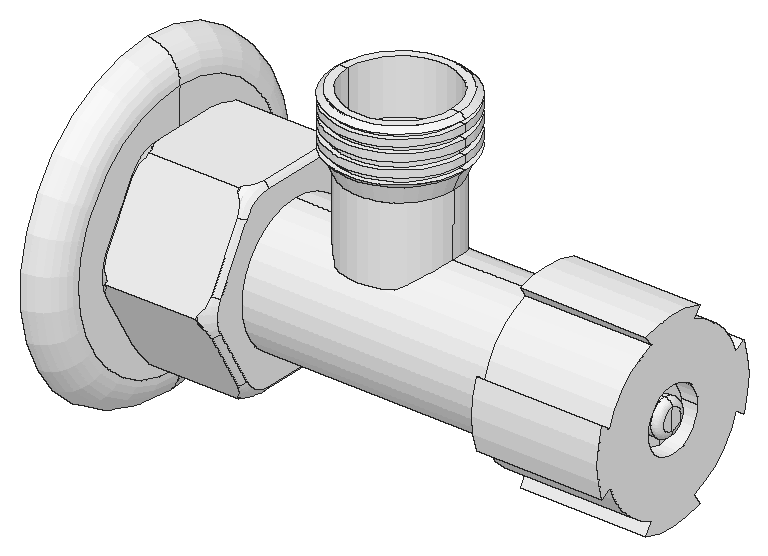
Revit family "BIM_01-3201-15", category Plumbing Fixtures, host Face, Revit 2026
Family settings
  Host = Face
  Round Connector Dimension = Use Diameter
  Part Type = Normal
  Classification Number = 23.31.11.00
  Enable Cutting in Views = No
  Cut with Voids When Loaded = No
  Maintain Annotation Orientation = No
  Shared = No
  Room Calculation Point = No
Parameters (values of type "01-3201-15")
  Waste Water Outlet = ""
  Vida Util = "2000 CICLOS"
  Torque de operación = "1,7 Nm"
  Torque de Conexión = "61 Nm"
  Tipo de Uso = "Domestico"
  Temperaturas de trabajo = "DE 5° A 71°"
  Sitio web = "https://www.gricol.com/"
  Rosca NPSM 1/2" = "1/2\""
  Rosca NPT 1/2" = "1/2\""
  Resistencia a Corrosión = "NTC 1156 Sal Neutral"
  Referente Normativo = "NTC 1644, ASME A112.18.1 / CSA B125.1"
  Presión de Estallído = 500.00 psi
  Presión Mínima = 20.00 psi
  Presión Maxima = 125.00 psi
  Plastico - ABS + Colorante blanco = Plastico - ABS  +blanco
  Materiales del producto = "Latón, ABS, Caucho"
  Link Ficha Tecnica = "https://infotecnica.gricol.com/FT_01-3201-15.pdf"
  Waste Connection = 1 = 0  # no
  Vent Connection = 1 = 0  # no
  URL = "https://www.gricol.com/products/llave-de-regulacion-plastica-blanca"
  Type Image = LLAVE DE REGULACION.jpg
  Product Name = "Llave De Regulación Plástica Blanca"  # constant formula
  Model = "01-3201-15\r"  # constant formula
  Manufacturer = "Gricol"  # constant formula
  HW Connection = 1 = 1  # yes
  Garantia Especifica = "20 AÑOS"
  Diametro nominal = "15,9 Nm"
  Description = "Llave"  # constant formula
  Default Elevation = 0.0 mm
  Date Modified = "22/08/2025"  # constant formula
  Date Created = "05/28/2020"  # constant formula
  Copyright = "All rights reserved © Gricol - 2025."  # constant formula
  Conexiones = "Acometida: Rosca hembra ½” NPT.\r\nSalida: Rosca macho ½” NPSM"
  CW Connection = 1 = 1  # yes
  Assembly Code = ""
  Ancho = 83.5 mm
  Diametro escudo = 50.6 mm
Reference planes
  plane 1 "Center (Front/Back)": y = 0
  plane 2: z = 0
  plane 3 "Center (Left/Right)": x = 0
  plane 4: x = -40.162
  plane 5: x = 43.338
  plane 6: z = 25.295
  plane 7: z = 50.6
  plane 8: x = -10.4
  plane 9: x = 10.4
Text (mm)
  text "Rosca NPSM 1/2\"" at (17.456, 0, 79.835), in view "Front"
  text "Rosca NPT 1/2\"" at (-137.418, 0, 25.544), in view "Front"
Dimensions and locks
  "Ancho": plane 4 to plane 5
  plane 4 to plane 3 "Center (Left/Right)" = 40.162 mm
  plane 7 to plane 6 = 25.305 mm
  "Diametro escudo": plane 7 to level
  plane 8 to plane 9 = 20.8 mm
  aligned and locked: plane 2 to host face
  aligned and locked: level to host face
Automatic sketch dimensions
  host sketch curve to host sketch curve = 167.561 mm
  host sketch curve to host sketch curve = 90.762 mm
Nested families
  nested 1: "LLAVE DE REGULACION" at (0, 0, 0), type "LLAVE DE REGULACION"
Definition of nested family "LLAVE DE REGULACION"
  Parameters (values of type "LLAVE DE REGULACION")
    Weight Net (Kg) = "6.60Kg"
    Plastico - ABS + Colorante blanco = none
    Waste Connection = no
    Vent Connection = no
    Type Comments = ""
    Nominal width = "370"
    Nominal height = "130"
    Model = ""
    Manufacturer = ""
    Keynote = ""
    HW Connection = no
    Default Elevation = 0.0 mm
    Cost = 0
    CW Connection = no
  Reference planes
    plane 1 "Center (Front/Back)": y = 0
    plane 2: z = 0
    plane 3 "Center (Left/Right)": x = 0
    plane 4 "11": x = -40.162
    plane 5: z = 57.295
    plane 6: x = 10.4
    plane 7: x = -10.4
    plane 8 "18": x = 43.338
    plane 9: z = 40.295
    plane 10: z = 50.6
    plane 11: z = 25.295
    plane 12: z = 10.295
  Forms (mm)
    Revolve 1, solid, material <- "Plastico - ABS + Colorante blanco"
      sketch origin (0.449, -0.057, -12.076) x (1, 0, 0) y (0, 0, 1)
        loop
          line (-9.98, 61.46) -> (-10.849, 61.46) -> (-10.067, 60.678) -> (-8.716, 60.678) -> (-8.716, 69.371) -> (-9.98, 69.371) -> (-10.849, 68.728) -> (-9.98, 68.728) -> (-9.98, 67.941) -> (-10.849, 67.941) -> (-10.849, 66.854) -> (-9.98, 66.854) -> (-9.98, 65.911) -> (-10.849, 65.911) -> (-10.849, 64.746) -> (-9.98, 64.746) -> (-9.98, 63.568) -> (-10.849, 63.568) -> (-10.849, 62.404) -> (-9.98, 62.404) -> (-9.98, 61.46)
        axis (-0.449, 69.371) -> (-0.449, 60.678)
      angle from 0 to 360
    Revolve 2, solid, material <- "Plastico - ABS + Colorante blanco"
      sketch origin (-124.259, -0.057, -50.324) x (0, 0, 1) y (-1, 0, 0)
        loop
          line (64.994, -106.659) -> (64.994, -147.672) -> (66.234, -147.672) -> (66.234, -106.659) -> (64.994, -106.659)
        axis (75.619, -106.659) -> (75.619, -147.672)
      angle from 0 to 360
    Revolve 3, solid, material <- "Plastico - ABS + Colorante blanco"
      sketch origin (0, 0, 10.295) x (1, 0, 0) y (0, 0, 1)
        loop
          line (-6.634, 38.307) -> (-9.619, 38.307) -> (-8.475, 35.445) -> (-8.475, 23.028) -> (-6.634, 23.028) -> (-6.634, 38.307)
        axis (0, 23.028) -> (0, 38.307)
      angle from 0 to 360
    Revolve 4, solid, material <- "Plastico - ABS + Colorante blanco"
      sketch origin (0.156, 0, 10.295) x (1, 0, 0) y (0, 0, 1)
        loop
          line (43.072, 15) -> (43.072, 16.688)
          arc (43.072, 16.688) -> (42.736, 17.498) -> (41.926, 17.834) r 1.146
          line (41.926, 17.834) -> (41.122, 17.834) -> (41.122, 19.218) -> (23.257, 19.218) -> (23.257, 15) -> (43.072, 15)
        axis (23.257, 15) -> (43.072, 15)
      angle from 0 to 360
    Extrusion 5, solid, material <- "Plastico - ABS + Colorante blanco"
      sketch origin (0, -102.723, 10.295) x (0, 1, 0) y (0, 0, 1)
        loop
          circle (102.723, 15) r 6.964
        loop
          line (111.383, 0) -> (120.043, 15) -> (111.383, 30) -> (94.062, 30) -> (85.402, 15) -> (94.062, 0) -> (111.383, 0)
      from -35 to -16.725
    Sweep 6, void
      path origin (0, 0, 10.295) x (0, 1, 0) y (0, 0, 1)
        loop
          line (5.196, 30) -> (-5.196, 30)
          arc (-5.196, 30) -> (-8.196, 29.196) -> (-10.392, 27) r 6
          line (-10.392, 27) -> (-15.588, 18)
          arc (-15.588, 18) -> (-16.392, 15) -> (-15.588, 12) r 6
          line (-15.588, 12) -> (-10.392, 3)
          arc (-10.392, 3) -> (-8.196, 0.804) -> (-5.196, 0) r 6
          line (-5.196, 0) -> (5.196, 0)
          arc (5.196, 0) -> (8.196, 0.804) -> (10.392, 3) r 6
          line (10.392, 3) -> (15.588, 12)
          arc (15.588, 12) -> (16.392, 15) -> (15.588, 18) r 6
          line (15.588, 18) -> (10.392, 27)
          arc (10.392, 27) -> (8.196, 29.196) -> (5.196, 30) r 6
      profile origin (0, 0, 40.295) x (0, 0, -1) y (1, 0, 0)
        loop
          line (-1.687, -36.452) -> (1.631, -36.452) -> (1.631, -35.391)
          arc (1.631, -35.391) -> (0.232, -34.434) -> (-0.724, -33.036) r 4.593
          line (-0.724, -33.036) -> (-1.687, -33.036) -> (-1.687, -36.452)
    Sweep 7, void
      path origin (-51.725, 0, 10.295) x (0, 1, 0) y (0, 0, -1)
        loop
          arc (5.196, -30) -> (8.196, -29.196) -> (10.392, -27) r 6
          line (10.392, -27) -> (15.588, -18)
          arc (15.588, -18) -> (16.392, -15) -> (15.588, -12) r 6
          line (15.588, -12) -> (10.392, -3)
          arc (10.392, -3) -> (8.196, -0.804) -> (5.196, 0) r 6
          line (5.196, 0) -> (-5.196, 0)
          arc (-5.196, 0) -> (-8.196, -0.804) -> (-10.392, -3) r 6
          line (-10.392, -3) -> (-15.588, -12)
          arc (-15.588, -12) -> (-16.392, -15) -> (-15.588, -18) r 6
          line (-15.588, -18) -> (-10.392, -27)
          arc (-10.392, -27) -> (-8.196, -29.196) -> (-5.196, -30) r 6
          line (-5.196, -30) -> (5.196, -30)
      profile origin (-51.725, 0, 40.295) x (0, 0, 1) y (-1, 0, 0)
        loop
          line (1.687, -36.452) -> (1.687, -33.036) -> (0.724, -33.036)
          arc (0.724, -33.036) -> (-0.232, -34.434) -> (-1.631, -35.391) r 4.593
          line (-1.631, -35.391) -> (-1.631, -36.452) -> (1.687, -36.452)
    Revolve 8, solid, material <- "Plastico - ABS + Colorante blanco"
      sketch origin (5.053, 0, 10.295) x (1, 0, 0) y (0, 0, 1)
        loop
          line (-39.345, 6.84) -> (-22.716, 6.84) -> (-22.716, 8.598) -> (-23.825, 8.598) -> (-23.825, 7.685) -> (-24.947, 7.685) -> (-24.947, 8.598) -> (-25.822, 8.598) -> (-25.822, 7.685) -> (-27.178, 7.685) -> (-27.178, 8.598) -> (-28.053, 8.598) -> (-28.053, 7.685) -> (-29.331, 7.685) -> (-29.331, 8.598) -> (-30.206, 8.598) -> (-30.206, 7.685) -> (-31.327, 7.685) -> (-31.327, 8.598) -> (-32.202, 8.598) -> (-32.202, 7.685) -> (-33.402, 7.685) -> (-33.402, 8.598) -> (-34.277, 8.598) -> (-34.277, 7.685) -> (-35.399, 7.685) -> (-35.399, 8.598) -> (-36.274, 8.598) -> (-36.274, 7.685) -> (-37.395, 7.685) -> (-37.395, 8.598) -> (-38.27, 8.598) -> (-38.27, 7.685) -> (-39.345, 7.685) -> (-39.345, 6.84)
        axis (-22.716, 15) -> (-39.345, 15)
      angle from 0 to 360
    Revolve 9, solid, material <- "Plastico - ABS + Colorante blanco"
      sketch origin (123.879, 0, 93.22) x (1, 0, 0) y (0, 0, 1)
        loop
          line (-164.04, -60.851) -> (-158.879, -60.851) -> (-158.879, -47.877)
          arc (-158.879, -47.877) -> (-160.385, -44.193) -> (-164.04, -42.62) r 5.258
          line (-164.04, -42.62) -> (-164.04, -60.851)
        axis (-158.879, -67.925) -> (-164.04, -67.925)
      angle from 0 to 360
    Extrusion 10, solid, material <- "Plastico - ABS + Colorante blanco"
      sketch origin (43.338, 0, 10.295) x (0, 1, 0) y (0, 0, -1)
        loop
          line (5.276, -29.048) -> (4.218, -27.536)
          arc (4.218, -27.536) -> (9.352, -24.352) -> (12.536, -19.218) r 13.226
          line (12.536, -19.218) -> (14.048, -20.276)
          arc (14.048, -20.276) -> (15.006, -15) -> (14.048, -9.724) r 15.006
          line (14.048, -9.724) -> (12.536, -10.782)
          arc (12.536, -10.782) -> (9.352, -5.648) -> (4.218, -2.464) r 13.226
          line (4.218, -2.464) -> (5.276, -0.658)
          arc (5.276, -0.658) -> (0, 0.282) -> (-5.276, -0.658) r 15.282
          line (-5.276, -0.658) -> (-4.218, -2.464)
          arc (-4.218, -2.464) -> (-9.352, -5.648) -> (-12.536, -10.782) r 13.226
          line (-12.536, -10.782) -> (-14.048, -9.724)
          arc (-14.048, -9.724) -> (-15.006, -15) -> (-14.048, -20.276) r 15.006
          line (-14.048, -20.276) -> (-12.536, -19.218)
          arc (-12.536, -19.218) -> (-9.352, -24.352) -> (-4.218, -27.536) r 13.226
          line (-4.218, -27.536) -> (-5.276, -29.048)
          arc (-5.276, -29.048) -> (0, -30.006) -> (5.276, -29.048) r 15.006
        loop
          circle (0, -15) r 5
      from 0 to 19.925
  Cuts and joins
    Sweep 6, Sweep 7 cuts Extrusion 5
    joined: Revolve 2, Revolve 3
  Dimensions and locks
    Revolve 1 sketch curve to Revolve 1 sketch curve = 2.132 mm
    plane 3 "Center (Left/Right)" to plane 7 = 10.4 mm
    equal spacing: plane 6, plane 3 "Center (Left/Right)", plane 7
    plane 6 to plane 7 = 20.8 mm  (x2)
    plane 8 "18" to plane 4 "11" = 83.5 mm  (x2)
    plane 10 to level = 50.6 mm
    aligned and locked: level to plane 2
  Automatic sketch dimensions
    Revolve 1 sketch curve to plane 7 = 0.0 mm  (x5)
    Revolve 1 sketch curve to plane 3 "Center (Left/Right)" = 0.0 mm
    plane 7 to Revolve 1 sketch curve = 0.781 mm
    plane 7 to Revolve 1 sketch curve = 0.869 mm  (x3)
    Revolve 1 sketch curve to Revolve 1 sketch curve = 0.0 mm
    Revolve 1 sketch curve to Revolve 1 sketch curve = 0.088 mm
    Revolve 1 sketch curve to plane 5 = 8.693 mm
    Revolve 1 sketch curve to Revolve 1 sketch curve = 0.781 mm
    Revolve 1 sketch curve to Revolve 1 sketch curve = 0.944 mm  (x2)
    Revolve 1 sketch curve to Revolve 1 sketch curve = 1.165 mm  (x2)
    Revolve 1 sketch curve to Revolve 1 sketch curve = 1.178 mm
    Revolve 1 sketch curve to Revolve 1 sketch curve = 1.086 mm
    Revolve 1 sketch curve to Revolve 1 sketch curve = 0.788 mm
    Revolve 1 sketch curve to Revolve 1 sketch curve = 0.643 mm
    Revolve 1 sketch curve to Revolve 1 sketch curve = 10.699 mm
    Revolve 1 sketch curve to Revolve 1 sketch curve = 1.872 mm
    level to Revolve 2 sketch curve = 15.91 mm
    Revolve 2 sketch curve to Revolve 2 sketch curve = 1.24 mm
    plane 6 to Revolve 2 sketch curve = 13.013 mm
    Revolve 2 sketch curve to plane 7 = 7.2 mm  (x2)
    Revolve 2 sketch curve to plane 8 "18" = 8.857 mm
    Revolve 3 sketch curve to plane 3 "Center (Left/Right)" = 0.0 mm
    plane 7 to Revolve 3 sketch curve = 3.766 mm
    plane 7 to Revolve 3 sketch curve = 1.925 mm
    plane 7 to Revolve 3 sketch curve = 0.781 mm
    Revolve 3 sketch curve to plane 5 = 23.972 mm
    Revolve 3 sketch curve to Revolve 3 sketch curve = 12.417 mm
    Revolve 3 sketch curve to Revolve 3 sketch curve = 2.863 mm
    Revolve 3 sketch curve to Revolve 3 sketch curve = 5.0 mm
    Revolve 3 sketch curve to Revolve 3 sketch curve = 5.232 mm
    plane 6 to Revolve 4 sketch curve = 13.013 mm
    Revolve 4 sketch curve to plane 8 "18" = 2.06 mm
    Revolve 4 sketch curve to Revolve 4 sketch curve = 0.804 mm
    Revolve 4 sketch curve to plane 8 "18" = 0.11 mm
    Revolve 4 sketch curve to Revolve 4 sketch curve = 1.438 mm
    plane 8 "18" to Revolve 4 sketch curve = 0.513 mm
    level to Extrusion 5 sketch curve = 10.295 mm
    plane 9 to Extrusion 5 sketch curve = 0.0 mm
    Extrusion 5 sketch curve to plane 1 "Center (Front/Back)" = 0.0 mm
    plane 1 "Center (Front/Back)" to Extrusion 5 sketch curve = 8.66 mm  (x2)
    Extrusion 5 sketch curve to Extrusion 5 sketch curve = 8.66 mm  (x2)
    Extrusion 5 sketch curve to plane 1 "Center (Front/Back)" = 8.66 mm  (x2)
    plane 9 to Sweep 6 sketch curve = 0.0 mm
    level to Sweep 6 sketch curve = 10.295 mm
    plane 1 "Center (Front/Back)" to Sweep 6 sketch curve = 15.588 mm
    plane 9 to Sweep 6 sketch curve = 3.0 mm  (x2)
    Sweep 6 sketch curve to Sweep 6 sketch curve = 5.196 mm  (x7)
    level to Sweep 6 sketch curve = 13.295 mm  (x2)
    plane 1 "Center (Front/Back)" to Sweep 6 sketch curve = 5.196 mm  (x2)
    Sweep 6 sketch curve to plane 1 "Center (Front/Back)" = 5.196 mm  (x2)
    profile plane to Sweep 6 sketch curve = 1.687 mm
    profile plane to Sweep 6 sketch curve = 0.724 mm
    Sweep 6 sketch curve to profile plane = 1.631 mm
    Sweep 6 sketch curve to profile plane = 3.48 mm
    Sweep 6 sketch curve to plane 3 "Center (Left/Right)" = 36.452 mm
    Sweep 6 sketch curve to Sweep 6 sketch curve = 1.061 mm
    Sweep 6 sketch curve to Sweep 6 sketch curve = 3.416 mm
    plane 9 to Sweep 7 sketch curve = 0.0 mm
    level to Sweep 7 sketch curve = 10.295 mm
    plane 1 "Center (Front/Back)" to Sweep 7 sketch curve = 15.588 mm
    plane 9 to Sweep 7 sketch curve = 3.0 mm  (x2)
    Sweep 7 sketch curve to Sweep 7 sketch curve = 5.196 mm  (x7)
    level to Sweep 7 sketch curve = 13.295 mm  (x2)
    plane 1 "Center (Front/Back)" to Sweep 7 sketch curve = 5.196 mm  (x2)
    Sweep 7 sketch curve to plane 1 "Center (Front/Back)" = 5.196 mm  (x2)
    profile plane to Sweep 7 sketch curve = 3.48 mm
    profile plane to Sweep 7 sketch curve = 1.631 mm
    Sweep 7 sketch curve to profile plane = 0.724 mm
    Sweep 7 sketch curve to Sweep 7 sketch curve = 0.963 mm
    Sweep 7 sketch curve to profile plane = 36.452 mm
    Sweep 7 sketch curve to Sweep 7 sketch curve = 1.061 mm
    Sweep 7 sketch curve to Sweep 7 sketch curve = 3.416 mm
    plane 4 "11" to Revolve 8 sketch curve = 5.869 mm
    Revolve 8 sketch curve to Revolve 8 sketch curve = 1.075 mm
    Revolve 8 sketch curve to Revolve 8 sketch curve = 0.875 mm  (x7)
    Revolve 8 sketch curve to Revolve 8 sketch curve = 1.122 mm  (x4)
    Revolve 8 sketch curve to Revolve 8 sketch curve = 1.2 mm
    Revolve 8 sketch curve to Revolve 8 sketch curve = 1.278 mm
    Revolve 8 sketch curve to Revolve 8 sketch curve = 1.356 mm
    Revolve 8 sketch curve to Revolve 8 sketch curve = 1.109 mm
    Revolve 8 sketch curve to Revolve 8 sketch curve = 0.0 mm  (x13)
    Revolve 8 sketch curve to Revolve 8 sketch curve = 0.913 mm  (x2)
    Revolve 8 sketch curve to Revolve 8 sketch curve = 0.844 mm  (x2)
    plane 4 "11" to Revolve 8 sketch curve = 4.347 mm
    Extrusion 10 sketch curve to Extrusion 10 sketch curve = 0.0 mm  (x54)
    Extrusion 10 sketch curve to plane 1 "Center (Front/Back)" = 0.0 mm
    plane 1 "Center (Front/Back)" to Extrusion 10 sketch curve = 4.218 mm  (x2)
    level to Extrusion 10 sketch curve = 10.952 mm  (x2)
    Extrusion 10 sketch curve to Extrusion 10 sketch curve = 1.059 mm  (x5)
    plane 9 to Extrusion 10 sketch curve = 0.952 mm  (x2)
    Extrusion 10 sketch curve to Extrusion 10 sketch curve = 8.318 mm  (x2)
    Extrusion 10 sketch curve to Extrusion 10 sketch curve = 1.512 mm  (x6)
    Extrusion 10 sketch curve to plane 1 "Center (Front/Back)" = 4.218 mm  (x2)
    Revolve 2 sketch curve to Revolve 2 sketch curve = 9.385 mm
    plane 9 to Revolve 4 sketch curve = 15.0 mm
    Revolve 4 sketch curve to Revolve 4 sketch curve = 1.688 mm  (x2)
    Revolve 4 sketch curve to Revolve 4 sketch curve = 4.218 mm
    plane 9 to Extrusion 5 sketch curve = 15.0 mm  (x3)
    Sweep 6 sketch curve to Sweep 6 sketch curve = 0.0 mm  (x2)
    Sweep 6 sketch curve to Sweep 6 sketch curve = 9.0 mm  (x2)
    Sweep 6 sketch curve to Sweep 6 sketch curve = 3.0 mm  (x2)
    Sweep 7 sketch curve to Sweep 7 sketch curve = 0.0 mm  (x2)
    Sweep 7 sketch curve to Sweep 7 sketch curve = 9.0 mm  (x2)
    Sweep 7 sketch curve to Sweep 7 sketch curve = 3.0 mm  (x2)
    level to Revolve 8 sketch curve = 17.135 mm
    Revolve 8 sketch curve to Revolve 8 sketch curve = 6.402 mm
    plane 9 to Extrusion 10 sketch curve = 9.724 mm  (x2)
    Revolve 9 sketch curve to plane 11 = 0.0 mm
    Revolve 9 sketch curve to plane 4 "11" = 0.0 mm
    Revolve 9 sketch curve to plane 4 "11" = 0.096 mm
    plane 4 "11" to Revolve 9 sketch curve = 5.162 mm
    Revolve 9 sketch curve to plane 11 = 7.075 mm
    Revolve 9 sketch curve to plane 9 = 5.048 mm
    Revolve 9 sketch curve to plane 4 "11" = 10.0 mm
    Revolve 9 sketch curve to Revolve 9 sketch curve = 4.838 mm
    radius of Extrusion 5 sketch curve = 6.964 mm
    radius of Extrusion 10 sketch curve = 5.0 mm
